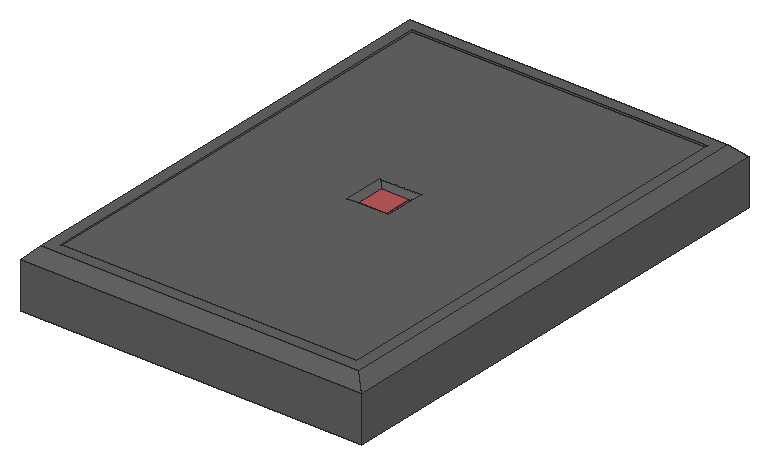
Revit family "Proximity Reader_P-710_Farpointe_R15", category Security Devices, host Face, Revit 2015
Parameters
  Width = 6"
  URL - Quick Start Guides [instance] = "http://farpointedata.com/downloads/qsg_and_ref/ProximityReaders_QSG.pdf"
  URL - Mounting Guides Letter Size [instance] = "http://farpointedata.com/downloads/mounting_guides/MountingGuide_P710_Ltr.pdf"
  URL - Mounting Guides A4 Size [instance] = "http://farpointedata.com/downloads/mounting_guides/MountingGuide_P710_A4.pdf"
  URL - Data Sheets [instance] = "http://farpointedata.com/downloads/datasheets/P710_TDS.pdf"
  URL - Bid Specifications [instance] = "http://farpointedata.com/downloads/bid_specs/Farpointe_Pyramid_Specification.docx"
  URL = "http://www.farpointedata.com/"
  Modeled By [instance] = "www.commensestudio.com"
  Model = "P-710 Proximity Reader"  # constant formula
  Manufacturer = "Farpointe Data"  # constant formula
  LED [instance] = LED
  Height = 8.5"
  Description = "Long-Range Proximity, Single-Gang Wall Switch Box"  # constant formula
  Depth = 1"
  Default Elevation = 48"
  Cover [instance] = Cover
Reference planes (in)
  plane 1 "Center (Front/Back)": y = 0
  plane 2: z = 0
  plane 3 "Center (Left/Right)": x = 0
  plane 4: x = -3
  plane 5: x = 3
  plane 6: y = 4.25
  plane 7: y = -4.25
  plane 8: z = 1
Forms (in)
  Extrusion 1, solid, material "Cover" <- "Cover"
    sketch origin (0, 0, 0.3) x (1, 0, 0) y (0, 1, 0)
      loop
        line (-3, -4.25) -> (3, -4.25) -> (3, 4.25) -> (-3, 4.25) -> (-3, -4.25)
    from -0.3 to 0.5
  Blend 2, solid, material "Cover" <- "Cover"
    base sketch origin (0, 0, 0.3) x (1, 0, 0) y (0, 1, 0)
      loop
        line (-3, 4.25) -> (-3, -4.25) -> (3, -4.25) -> (3, 4.25) -> (-3, 4.25)
    top sketch origin (0, 0, 0.3) x (1, 0, 0) y (0, 1, 0)
      loop
        line (-2.8, 4.05) -> (-2.8, -4.05) -> (2.8, -4.05) -> (2.8, 4.05) -> (-2.8, 4.05)
    from 0.5 to 0.7
  Extrusion 3, solid, material "LED" <- "LED"
    sketch origin (0, 0, 0.3) x (1, 0, 0) y (0, 1, 0)
      loop
        line (0.25, -0.25) -> (0.25, 0.25) -> (-0.25, 0.25) -> (-0.25, -0.25) -> (0.25, -0.25)
    from 0.5 to 0.61
  Blend 4, void
    base sketch origin (0, 0, 0.3) x (1, 0, 0) y (0, 1, 0)
      loop
        line (-0.25, 0.25) -> (-0.25, -0.25) -> (0.25, -0.25) -> (0.25, 0.25) -> (-0.25, 0.25)
    top sketch origin (0, 0, 0.3) x (1, 0, 0) y (0, 1, 0)
      loop
        line (-0.39738, 0.39738) -> (-0.39738, -0.39738) -> (0.39738, -0.39738) -> (0.39738, 0.39738) -> (-0.39738, 0.39738)
    from 0.6 to 0.7
  Extrusion 5, void
    sketch origin (0, 0, 0) x (1, 0, 0) y (0, 1, 0)
      loop
        line (-2.6, 3.85) -> (-2.6, -3.85) -> (2.6, -3.85) -> (2.6, 3.85) -> (-2.6, 3.85)
    from 0.98 to 1.2
Cuts and joins
  Extrusion 5 cuts Extrusion 1
  Blend 4, Extrusion 5 cuts Blend 2
  Extrusion 5 cuts Extrusion 3
Dimensions and locks (in)
  equal spacing: plane 7, plane 1 "Center (Front/Back)", plane 6
  equal spacing: plane 4, plane 3 "Center (Left/Right)", plane 5
  "Height": plane 7 to plane 6
  "Width": plane 4 to plane 5
  "Depth": plane 8 to level
  aligned and locked: plane 2 to host face
  aligned and locked: level to host face
  aligned and locked: Blend 2 sketch curve to Extrusion 1
Automatic sketch dimensions
  host sketch curve to host sketch curve = 96"  (x2)
  plane 4 to Extrusion 1 sketch curve = 0"
  Extrusion 1 sketch curve to plane 5 = 0"
  plane 1 "Center (Front/Back)" to Extrusion 1 sketch curve = 4.25"
  Extrusion 1 sketch curve to plane 1 "Center (Front/Back)" = 4.25"
  Extrusion 3 sketch curve to plane 3 "Center (Left/Right)" = 0.25"
  plane 3 "Center (Left/Right)" to Extrusion 3 sketch curve = 0.25"
  plane 1 "Center (Front/Back)" to Extrusion 3 sketch curve = 0.25"
  Extrusion 3 sketch curve to plane 1 "Center (Front/Back)" = 0.25"
  Blend 2 sketch curve to plane 4 = 0"
  plane 7 to Blend 2 sketch curve = 0"
  plane 6 to Blend 2 sketch curve = 0"
  plane 4 to Blend 2 sketch curve = 0.2"
  Blend 2 sketch curve to plane 5 = 0.2"
  Blend 2 sketch curve to plane 7 = 0.2"
  plane 6 to Blend 2 sketch curve = 0.2"
  plane 4 to Extrusion 5 sketch curve = 0.4"
  Extrusion 5 sketch curve to plane 5 = 0.4"
  Extrusion 5 sketch curve to plane 7 = 0.4"
  plane 6 to Extrusion 5 sketch curve = 0.4"
  Blend 4 sketch curve to plane 3 "Center (Left/Right)" = 0.39738"
  plane 3 "Center (Left/Right)" to Blend 4 sketch curve = 0.39738"
  plane 1 "Center (Front/Back)" to Blend 4 sketch curve = 0.39738"
  Blend 4 sketch curve to plane 1 "Center (Front/Back)" = 0.39738"
  Blend 4 sketch curve to plane 3 "Center (Left/Right)" = 0.25"
  plane 3 "Center (Left/Right)" to Blend 4 sketch curve = 0.25"
  plane 1 "Center (Front/Back)" to Blend 4 sketch curve = 0.25"
  Blend 4 sketch curve to plane 1 "Center (Front/Back)" = 0.25"
Connectors (in)
  electrical at (0, 0, 0)
    settings: index 3, voltage 0 V, apparent load 0 VA, apparent load phase1 0 VA, apparent load phase2 0 VA, apparent load phase3 0 VA, power factor 1, load classification "Other", number of poles 1, system type 10, power factor state 1, is connector primary yes, connector utility no, sub classification motor no, connector description ""
